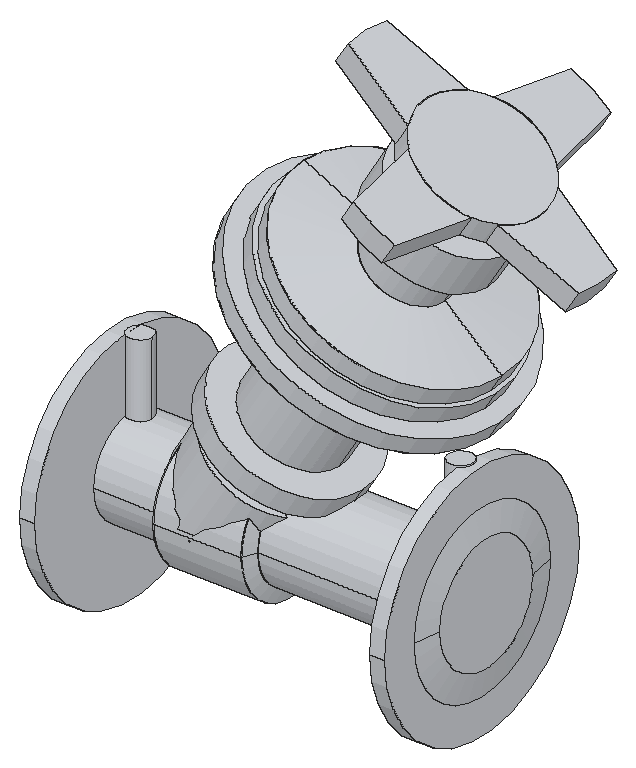
Revit family "224_DN080_40-160_RFA_2018", category Pipe Accessories, Revit 2018
Family settings
  Round Connector Dimension = Use Diameter
  Part Type = Valve - Breaks Into
  Work Plane-Based = No
  Always vertical = Yes
  Cut with Voids When Loaded = No
  Shared = No
Parameters (values of type "224_DN080_(40-160)")
  magiProductId = "20b45c03d3cb49e9a44f946d5e2c2d"
  magiProductFamilyId = "cb96b53648234cefb8c956722b95ac"
  magiPartTypeId = 304
  isMeasuringValve [instance] = no
  ang2D [instance] = 0.00°
  Z8 = 23.328 mm
  Z7 = 7.776 mm
  Z6 = 97.2 mm
  Z4 = 38.88 mm
  Z3 = 15.552 mm
  Z2 = 19.44 mm
  Z1 = 58.32 mm
  Y9 = 112.022 mm
  Y8 = 43.927 mm
  X9 = 19.752 mm
  X8 = 30.758 mm
  X5 = 140.96 mm
  X4 = 72.8 mm
  X1 = 12.4 mm
  W2D = 100 mm
  VersionID = "2.0/2018.4.11.4/ZETKAMA_224_001"
  Use Minimum Symbol Size [instance] = yes
  URL = "www.hydronic.cz"
  Type Comments = "přírubový ventil, PN16; -10~+120°C; dpmin=1,5xdpnast;"
  R8 = 53.625 mm
  R7 = 35.75 mm
  R6 = 96.688 mm
  R5 = 100 mm
  R4 = 113.75 mm
  R3 = 41.6 mm
  R2 = 70.5 mm
  R12 = 42.75 mm
  R10 = 48 mm
  QmdConnectorList = "301;D;302;D"
  Productdata [instance] = ""
  Manufacturer = "Hydronic Systems Prague s.r.o."
  Maintenance Zone Under Depth [instance] = 390 mm
  Maintenance Zone Right Depth [instance] = 310 mm
  Maintenance Zone Over Depth [instance] = 390 mm
  Maintenance Zone Left Depth [instance] = 310 mm
  Maintenance Zone Front Depth [instance] = 273 mm
  Maintenance Zone Back Depth [instance] = 273 mm
  Maintenance Zone Front Visibility [instance] = no
  MC Product Code = "224 080 7 (DN80; dpnast 40-160kPa; dpmax=300kPa; kvs=74,5kPa)"
  MC Piping Given Pressure Drop [instance] = 0.0 Pa
  LT2 = 155 mm
  L3 = 55.44 mm
  L2D_Min = 3048 mm
  L2D = 350 mm
  H5 = 60 mm
  FDT2 = 100 mm
  Description = "Regulátor diferenčního tlaku přírubový"
  DT21 = 40 mm
  DT2 = 40 mm
  D6 = 65 mm
  D5 = 52 mm
  D = 80 mm
  Clearance Zone Height Depth [instance] = 390 mm
  Clearance Zone Circular Radius [instance] = 310 mm
  Clearance Zone Visibility [instance] = no
  CAT0 = yes
  ARC2 = 1.728 mm
  ARC1 = 9.698 mm
  ANG = 32.00°
  A2 = 28.748 mm
  A1 = 46.007 mm
Types (10, lengths in mm): name | magiProductId | Z8 | Z7 | Z6 | Z4 | Z3 | Z2 | Z1 | X5 | X4 | X1 | R5 | R3 | R2 | R10 | Maintenance Zone Under Depth | Maintenance Zone Right Depth | Maintenance Zone Over Depth | Maintenance Zone Left Depth | MC Product Code | LT2 | L3 | H5 | FDT2 | DT21 | DT2 | D6 | D5 | D | Clearance Zone Height Depth | Clearance Zone Circular Radius | A2 | A1
  224_DN100_(40-160) | "71f9e553003c40d991c5e352e67284" | 24.389 | 8.13 | 101.622 | 40.649 | 16.26 | 20.324 | 60.973 | 152.2 | 91 | 14 | 110 | 52 | 80.5 | 58 | 405 | 350 | 405 | 350 | "224 100 7 (DN100; dpnast 40-160kPa; dpmax=250kPa; kvs=110,0kPa)" | 175 | 62.8 | 60 | 110 | 50 | 50 | 81.25 | 65 | 100 | 405 | 350 | 32.458 | 51.943
  224_DN100_(20-70) | "5e4de33176c64976a9c157b39996ce" | 24.389 | 8.13 | 101.622 | 40.649 | 16.26 | 20.324 | 60.973 | 152.2 | 91 | 14 | 110 | 52 | 80.5 | 58 | 405 | 350 | 405 | 350 | "224 100 3 (DN100; dpnast 20-70kPa; dpmax=250kPa; kvs=110,0kPa)" | 175 | 62.8 | 60 | 110 | 50 | 50 | 81.25 | 65 | 100 | 405 | 350 | 32.458 | 51.943
  224_DN125_(40-160) | "9beb69b667494b6ab1f54942078ae6" | 25.804 | 8.601 | 107.518 | 43.007 | 17.203 | 21.504 | 64.511 | 166.25 | 113.75 | 16 | 125 | 65 | 95.5 | 71 | 425 | 400 | 425 | 400 | "224 125 7 (DN125; dpnast 40-160kPa; dpmax=250kPa; kvs=169,0kPa)" | 200 | 72 | 62.5 | 125 | 62.5 | 62.5 | 101.562 | 81.25 | 125 | 425 | 400 | 37.094 | 59.363
  224_DN125_(20-70) | "2c85edc695ca465cb63b6911085491" | 25.804 | 8.601 | 107.518 | 43.007 | 17.203 | 21.504 | 64.511 | 166.25 | 113.75 | 16 | 125 | 65 | 95.5 | 71 | 425 | 400 | 425 | 400 | "224 125 3 (DN125; dpnast 20-70kPa; dpmax=250kPa; kvs=169,0kPa)" | 200 | 72 | 62.5 | 125 | 62.5 | 62.5 | 101.562 | 81.25 | 125 | 425 | 400 | 37.094 | 59.363
  224_DN150_(40-160) | "96017eba5eec4de2abe05c4d8dc7d1" | 26.866 | 8.955 | 89.552 | 44.776 | 17.91 | 22.388 | 89.552 | 223.38 | 115.5 | 19.2 | 142.5 | 70.2 | 108.5 | 84 | 440 | 480 | 440 | 480 | "224 150 7 (DN150; dpnast 40-160kPa; dpmax=250kPa; kvs=200,0kPa)" | 240 | 86.72 | 67.5 | 142.5 | 67.5 | 75 | 90.75 | 82.5 | 150 | 440 | 480 | 44.513 | 71.236
  224_DN150_(20-70) | "2dcf3707ec5549d494f72875a03dce" | 26.866 | 8.955 | 89.552 | 44.776 | 17.91 | 22.388 | 89.552 | 223.38 | 115.5 | 19.2 | 142.5 | 70.2 | 108.5 | 84 | 440 | 480 | 440 | 480 | "224 150 3 (DN150; dpnast 20-70kPa; dpmax=250kPa; kvs=200,0kPa)" | 240 | 86.72 | 67.5 | 142.5 | 67.5 | 75 | 90.75 | 82.5 | 150 | 440 | 480 | 44.513 | 71.236
  224_DN065_(40-160) | "7a3227ed888c4b0d8669ae9eb0085d" | 22.974 | 7.658 | 95.726 | 38.29 | 15.316 | 19.145 | 57.436 | 139.89 | 59.15 | 11.6 | 92.5 | 33.8 | 63 | 40.5 | 385 | 290 | 385 | 290 | "224 065 7 (DN65; dpnast 40-160kPa; dpmax=300kPa; kvs=48,4kPa)" | 145 | 51.76 | 60 | 92.5 | 32.5 | 32.5 | 52.812 | 42.25 | 65 | 385 | 290 | 26.893 | 43.038
  224_DN065_(20-70) | "bd269db4002540fe9b2a41f205afd7" | 22.974 | 7.658 | 95.726 | 38.29 | 15.316 | 19.145 | 57.436 | 139.89 | 59.15 | 11.6 | 92.5 | 33.8 | 63 | 40.5 | 385 | 290 | 385 | 290 | "224 065 3 (DN65; dpnast 20-70kPa; dpmax=300kPa; kvs=48,4kPa)" | 145 | 51.76 | 60 | 92.5 | 32.5 | 32.5 | 52.812 | 42.25 | 65 | 385 | 290 | 26.893 | 43.038
  224_DN080_(40-160) | "20b45c03d3cb49e9a44f946d5e2c2d" | 23.328 | 7.776 | 97.2 | 38.88 | 15.552 | 19.44 | 58.32 | 140.96 | 72.8 | 12.4 | 100 | 41.6 | 70.5 | 48 | 390 | 310 | 390 | 310 | "224 080 7 (DN80; dpnast 40-160kPa; dpmax=300kPa; kvs=74,5kPa)" | 155 | 55.44 | 60 | 100 | 40 | 40 | 65 | 52 | 80 | 390 | 310 | 28.748 | 46.007
  224_DN080_(20-70) | "2f63645f7c5342ecbadd0051fa47f2" | 23.328 | 7.776 | 97.2 | 38.88 | 15.552 | 19.44 | 58.32 | 140.96 | 72.8 | 12.4 | 100 | 41.6 | 70.5 | 48 | 390 | 310 | 390 | 310 | "224 080 3 (DN80; dpnast 20-70kPa; dpmax=300kPa; kvs=74,5kPa)" | 155 | 55.44 | 60 | 100 | 40 | 40 | 65 | 52 | 80 | 390 | 310 | 28.748 | 46.007
Reference planes
  plane 1 "Center (Front/Back)": y = 0
  plane 2 "XYPLANE": z = 0
  plane 3 "Center (Left/Right)": x = 0
  plane 4 "274": z = -390
  plane 5 "273": z = 390
  plane 6 "272": x = -310
  plane 7 "271": x = 310
  plane 8 "270": y = 273
  plane 9 "269": y = -273
  plane 10 "202": x = 133.6
  plane 11 "201": z = 40
  plane 12 "199": x = -131.6
  plane 13 "196": x = -2.36
  plane 14 "195": x = -6.36
  plane 15 "186": x = -79.16
  plane 16 "185": x = -83.16
  plane 17 "157": through (-527.65, 0, 570.893) normal (0.5299, 0, 0.848)
  plane 18 "123": y = -19.752
  plane 19 "122": y = -30.758
  plane 20 "120": y = 19.752
  plane 21 "119": y = 30.758
  plane 22 "118": through (263.424, 0, 719.778) normal (0.848, 0, -0.5299)
  plane 23 "117": through (395.676, 0, 637.138) normal (0.848, 0, -0.5299)
  plane 24 "116": through (453.424, 0, 601.053) normal (0.848, 0, -0.5299)
  plane 25 "115": through (321.171, 0, 683.694) normal (0.848, 0, -0.5299)
  plane 26 "113": y = -43.927
  plane 27 "112": y = -112.022
  plane 28 "110": through (384.508, 0, 644.117) normal (0.848, 0, -0.5299)
  plane 29 "108": through (341.673, 0, 670.883) normal (0.848, 0, -0.5299)
  plane 30 "107": through (332.339, 0, 676.715) normal (0.848, 0, -0.5299)
  plane 31 "106": through (375.175, 0, 649.949) normal (0.848, 0, -0.5299)
  plane 32 "105": y = 112.022
  plane 33 "104": y = 43.927
  plane 34 "99": through (-455.539, 0, 686.295) normal (0.5299, 0, 0.848)
  plane 35 "96": through (-465.841, 0, 669.809) normal (0.5299, 0, 0.848)
  plane 36 "91": through (-486.444, 0, 636.837) normal (0.5299, 0, 0.848)
  plane 37 "87": through (-507.047, 0, 603.865) normal (0.5299, 0, 0.848)
  plane 38 "84": through (-511.168, 0, 597.27) normal (0.5299, 0, 0.848)
  plane 39 "82": through (-519.409, 0, 584.082) normal (0.5299, 0, 0.848)
  plane 40 "75": through (-535.892, 0, 557.704) normal (0.5299, 0, 0.848)
  plane 41 "74": through (-548.254, 0, 537.92) normal (0.5299, 0, 0.848)
  plane 42 "41": through (-599.762, 0, 455.49) normal (0.5299, 0, 0.848)
  plane 43 "37": through (-610.064, 0, 439.004) normal (0.5299, 0, 0.848)
  plane 44 "34": through (-620.365, 0, 422.518) normal (0.5299, 0, 0.848)
  plane 45 "30": through (-651.27, 0, 373.06) normal (0.5299, 0, 0.848)
  plane 46 "28": y = 0
  plane 47 "27": through (358.424, 0, 660.416) normal (0.848, 0, -0.5299)
  plane 48 "24": x = 151
  plane 49 "23": x = 138.6
  plane 50 "15": x = -138.6
  plane 51 "11": x = -151
  plane 52 "6": x = 155
  plane 53 "5": x = -155
  plane 54 "3": z = 0
  plane 55 "2": y = 0
  plane 56 "1": x = 0
  plane 57 "25XY": through (-636.036, 0, 397.439) normal (0.5299, 0, 0.848)
  plane 58 "25XZ": y = 0
  plane 59 "25YZ": through (397.439, 0, 636.036) normal (0.848, 0, -0.5299)
Forms (mm)
  Blend 1, solid, visible <- "CAT0"
    base sketch origin (-548.254, 0, 537.92) x (0.848048, 0, -0.529919) y (0, 1, 0)
      loop
        circle (703.993, 0) r 42.75
    top sketch origin (-548.254, 0, 537.92) x (0.848048, 0, -0.529919) y (0, 1, 0)
      loop
        circle (703.993, 0) r 113.75
    from 0 to 23.328
  Blend 2, solid, visible <- "Maintenance Zone Front Visibility"
    base sketch origin (-750, 0, 390) x (1, 0, 0) y (0, 1, 0)
      loop
        line (440, 273) -> (440, -273) -> (1060, -273) -> (1060, 273) -> (440, 273)
    top sketch origin (-750, 0, 390) x (1, 0, 0) y (0, 1, 0)
      loop
        line (440, 273) -> (440, -273) -> (1060, -273) -> (1060, 273) -> (440, 273)
    from 0 to -780
  Extrusion 3, solid, visible <- "Clearance Zone Visibility"
    sketch origin (-750, 0, 0) x (1, 0, 0) y (0, 1, 0)
      loop
        circle (750, 0) r 310
    from 0 to 390 <- "Clearance Zone Height Depth"
  Extrusion 4, solid, visible <- "CAT0"
    sketch origin (-599.762, 0, 455.49) x (0.848048, 0, -0.529919) y (0, 1, 0)
      loop
        circle (703.993, 0) r 42.75
    from 0 to 97.2 <- "Z6"
  Extrusion 5, solid
    sketch origin (-750, 0, 40) x (1, 0, 0) y (0, 1, 0)
      loop
        circle (883.6, 0) r 10
    from 0 to 60 <- "H5"
  Extrusion 6, solid
    sketch origin (-750, 0, 40) x (1, 0, 0) y (0, 1, 0)
      loop
        circle (618.4, 0) r 10
    from 0 to 60 <- "H5"
  Extrusion 7, solid
    sketch origin (-2.36, -750, 0) x (0, 1, 0) y (0, 0, 1)
      loop
        circle (750, 0) r 40
    from 0 to 140.96 <- "X5"
  Blend 8, solid
    base sketch origin (-2.36, -750, 0) x (0, 1, 0) y (0, 0, 1)
      loop
        circle (750, 0) r 40
    top sketch origin (-2.36, -750, 0) x (0, 1, 0) y (0, 0, 1)
      loop
        circle (750, 0) r 52
    from 0 to -4
  Extrusion 9, solid
    sketch origin (-79.16, -750, 0) x (0, 1, 0) y (0, 0, 1)
      loop
        circle (750, 0) r 52
    from 0 to 72.8 <- "X4"
  Blend 10, solid
    base sketch origin (-83.16, -750, 0) x (0, 1, 0) y (0, 0, 1)
      loop
        circle (750, 0) r 40
    top sketch origin (-83.16, -750, 0) x (0, 1, 0) y (0, 0, 1)
      loop
        circle (750, 0) r 52
    from 0 to 4
  Extrusion 11, solid
    sketch origin (-651.27, 0, 373.06) x (0.848048, 0, -0.529919) y (0, 1, 0)
      loop
        circle (703.993, 0) r 52
    from 0 to 58.32 <- "Z1"
  Extrusion 12, solid
    sketch origin (-535.892, 0, 557.704) x (0.848048, 0, -0.529919) y (0, 1, 0)
      loop
        circle (703.993, 0) r 113.75
    from 0 to 15.552 <- "Z3"
  Extrusion 13, solid
    sketch origin (-455.539, 0, 686.295) x (0.848048, 0, -0.529919) y (0, 1, 0)
      loop
        line (747.92, -30.758) -> (816.015, -19.752)
        arc (816.015, -19.752) -> (817.743, 0) -> (816.015, 19.752) r 113.75
        line (816.015, 19.752) -> (747.92, 30.758)
        arc (747.92, 30.758) -> (757.618, 0) -> (747.92, -30.758) r 53.625
    from 0 to 19.44 <- "Z2"
  Extrusion 14, solid
    sketch origin (-455.539, 0, 686.295) x (0.848048, 0, -0.529919) y (0, 1, 0)
      loop
        line (660.066, 30.758) -> (591.972, 19.752)
        arc (591.972, 19.752) -> (590.243, 0) -> (591.972, -19.752) r 113.75
        line (591.972, -19.752) -> (660.066, -30.758)
        arc (660.066, -30.758) -> (650.368, 0) -> (660.066, 30.758) r 53.625
    from 0 to 19.44 <- "Z2"
  Extrusion 15, solid
    sketch origin (-455.539, 0, 686.295) x (0.848048, 0, -0.529919) y (0, 1, 0)
      loop
        line (673.235, -43.927) -> (684.241, -112.022)
        arc (684.241, -112.022) -> (703.993, -113.75) -> (723.746, -112.022) r 113.75
        line (723.746, -112.022) -> (734.751, -43.927)
        arc (734.751, -43.927) -> (703.993, -53.625) -> (673.235, -43.927) r 53.625
    from 0 to 19.44 <- "Z2"
  Extrusion 16, solid
    sketch origin (-455.539, 0, 686.295) x (0.848048, 0, -0.529919) y (0, 1, 0)
      loop
        line (734.751, 43.927) -> (723.746, 112.022)
        arc (723.746, 112.022) -> (703.993, 113.75) -> (684.241, 112.022) r 113.75
        line (684.241, 112.022) -> (673.235, 43.927)
        arc (673.235, 43.927) -> (703.993, 53.625) -> (734.751, 43.927) r 53.625
    from 0 to 19.44 <- "Z2"
  Extrusion 17, solid
    sketch origin (-455.539, 0, 686.295) x (0.848048, 0, -0.529919) y (0, 1, 0)
      loop
        circle (703.993, 0) r 53.625
    from 0 to 19.44 <- "Z2"
  Extrusion 18, solid
    sketch origin (-465.841, 0, 669.809) x (0.848048, 0, -0.529919) y (0, 1, 0)
      loop
        circle (703.993, 0) r 35.75
    from 0 to 19.44 <- "Z2"
  Extrusion 19, solid
    sketch origin (-486.444, 0, 636.837) x (0.848048, 0, -0.529919) y (0, 1, 0)
      loop
        circle (703.993, 0) r 53.625
    from 0 to 38.88 <- "Z4"
  Extrusion 20, solid
    sketch origin (-507.047, 0, 603.865) x (0.848048, 0, -0.529919) y (0, 1, 0)
      loop
        circle (703.993, 0) r 35.75
    from 0 to 38.88 <- "Z4"
  Blend 21, solid
    base sketch origin (-511.168, 0, 597.27) x (0.848048, 0, -0.529919) y (0, 1, 0)
      loop
        circle (703.993, 0) r 96.688
    top sketch origin (-511.168, 0, 597.27) x (0.848048, 0, -0.529919) y (0, 1, 0)
      loop
        circle (703.993, 0) r 35.75
    from 0 to 7.776
  Extrusion 22, solid
    sketch origin (-519.409, 0, 584.082) x (0.848048, 0, -0.529919) y (0, 1, 0)
      loop
        circle (703.993, 0) r 96.688
    from 0 to 15.552 <- "Z3"
  Extrusion 23, solid
    sketch origin (-527.65, 0, 570.893) x (0.848048, 0, -0.529919) y (0, 1, 0)
      loop
        circle (703.993, 0) r 100
    from 0 to 15.552 <- "Z3"
  Extrusion 24, solid
    sketch origin (-610.064, 0, 439.004) x (0.848048, 0, -0.529919) y (0, 1, 0)
      loop
        circle (703.993, 0) r 65
    from 0 to 19.44 <- "Z2"
  Extrusion 25, solid
    sketch origin (-620.365, 0, 422.518) x (0.848048, 0, -0.529919) y (0, 1, 0)
      loop
        circle (703.993, 0) r 41.6
    from 0 to 19.44 <- "Z2"
  Blend 26, solid
    base sketch origin (151, -750, 0) x (0, 1, 0) y (0, 0, 1)
      loop
        circle (750, 0) r 70.5
    top sketch origin (151, -750, 0) x (0, 1, 0) y (0, 0, 1)
      loop
        circle (750, 0) r 48
    from 0 to 4
  Extrusion 27, solid
    sketch origin (138.6, -750, 0) x (0, 1, 0) y (0, 0, 1)
      loop
        circle (750, 0) r 100
    from 0 to 12.4 <- "X1"
  Extrusion 28, solid
    sketch origin (-138.6, -750, 0) x (0, 1, 0) y (0, 0, 1)
      loop
        circle (750, 0) r 40
    from 0 to 55.44 <- "L3"
  Extrusion 29, solid
    sketch origin (-151, -750, 0) x (0, 1, 0) y (0, 0, 1)
      loop
        circle (750, 0) r 100
    from 0 to 12.4 <- "X1"
  Blend 30, solid
    base sketch origin (-155, -750, 0) x (0, 1, 0) y (0, 0, 1)
      loop
        circle (750, 0) r 48
    top sketch origin (-155, -750, 0) x (0, 1, 0) y (0, 0, 1)
      loop
        circle (750, 0) r 70.5
    from 0 to 4
  Extrusion 31, solid, not visible
    sketch origin (155, -750, 0) x (0, 1, 0) y (0, 0, 1)
      loop
        circle (750, 0) r 10
    from 0 to -10
  Extrusion 32, solid, not visible
    sketch origin (-155, -750, 0) x (0, 1, 0) y (0, 0, 1)
      loop
        circle (750, 0) r 10
    from 0 to 10
Lines and regions (mm)
  reference lines, not visible
    curve 1: circle (-5.16, 2, 0) r 1 normal (0, 0, 1)
  reference lines
    curve 2: line (178.734, -30.758, 289.958) -> (178.734, 30.758, 289.958)
    curve 3: line (236.481, 19.752, 253.873) -> (236.481, -19.752, 253.873)
    curve 4: line (104.229, 30.758, 336.513) -> (104.229, -30.758, 336.513)
    curve 5: line (46.481, -19.752, 372.598) -> (46.481, 19.752, 372.598)
    curve 6: line (115.397, -43.927, 329.535) -> (167.566, -43.927, 296.936)
    curve 7: line (158.232, -112.022, 302.768) -> (124.73, -112.022, 323.703)
    curve 8: line (167.566, 43.927, 296.936) -> (115.397, 43.927, 329.535)
    curve 9: line (124.73, 112.022, 323.703) -> (158.232, 112.022, 302.768)
Dimensions and locks
  plane 1 "Center (Front/Back)" to curve 1 = 2 mm
  "Maintenance Zone Under Depth": plane 2 "XYPLANE" to plane 4 "274"
  "Maintenance Zone Over Depth": plane 2 "XYPLANE" to plane 5 "273"
  "Maintenance Zone Left Depth": plane 3 "Center (Left/Right)" to plane 6 "272"
  "Maintenance Zone Right Depth": plane 3 "Center (Left/Right)" to plane 7 "271"
  "Maintenance Zone Back Depth": plane 1 "Center (Front/Back)" to plane 8 "270"
  "Maintenance Zone Front Depth": plane 1 "Center (Front/Back)" to plane 9 "269"
  locked: plane 49 "23" to plane 10 "202" at 5
  "DT2": plane 2 "XYPLANE" to plane 11 "201"
  locked: plane 50 "15" to plane 12 "199" at 7
  locked: plane 14 "195" to plane 13 "196" at 4
  "X4": plane 15 "186" to plane 14 "195"
  locked: plane 16 "185" to plane 15 "186" at 4
  "L3": plane 50 "15" to plane 16 "185"
  "Z3": plane 40 "75" to plane 17 "157"
  "X9": plane 55 "2" to plane 18 "123"
  "X8": plane 55 "2" to plane 19 "122"
  "X9": plane 55 "2" to plane 20 "120"
  "X8": plane 55 "2" to plane 21 "119"
  "Y9": plane 47 "27" to plane 22 "118"
  "Y8": plane 47 "27" to plane 23 "117"
  "Y9": plane 47 "27" to plane 24 "116"
  "Y8": plane 47 "27" to plane 25 "115"
  "Y8": plane 55 "2" to plane 26 "113"
  "Y9": plane 55 "2" to plane 27 "112"
  "X8": plane 47 "27" to plane 28 "110"
  "X9": plane 47 "27" to plane 29 "108"
  "X8": plane 47 "27" to plane 30 "107"
  "X9": plane 47 "27" to plane 31 "106"
  "Y9": plane 55 "2" to plane 32 "105"
  "Y8": plane 55 "2" to plane 33 "104"
  "Z2": plane 35 "96" to plane 34 "99"
  "Z4": plane 36 "91" to plane 35 "96"
  "Z4": plane 37 "87" to plane 36 "91"
  "Z7": plane 38 "84" to plane 37 "87"
  "Z3": plane 39 "82" to plane 38 "84"
  "Z3": plane 17 "157" to plane 39 "82"
  "Z8": plane 41 "74" to plane 40 "75"
  "Z6": plane 42 "41" to plane 41 "74"
  "Z2": plane 43 "37" to plane 42 "41"
  "Z2": plane 44 "34" to plane 43 "37"
  "Z1": plane 45 "30" to plane 44 "34"
  "A2": plane 57 "25XY" to plane 45 "30"
  locked: plane 55 "2" to plane 46 "28"
  "A1": plane 59 "25YZ" to plane 47 "27"
  "X1": plane 49 "23" to plane 48 "24"
  "X5": plane 13 "196" to plane 49 "23"
  "X1": plane 51 "11" to plane 50 "15"
  locked: plane 53 "5" to plane 51 "11" at 4
  "LT2": plane 3 "Center (Left/Right)" to plane 52 "6"
  "LT2": plane 3 "Center (Left/Right)" to plane 53 "5"
  locked: plane 2 "XYPLANE" to plane 54 "3"
  locked: plane 1 "Center (Front/Back)" to plane 55 "2"
  locked: plane 3 "Center (Left/Right)" to plane 56 "1"
  Blend 2 sketch curve to Blend 2 sketch curve = 0 mm  (x16)
  "ARC1": curve 2 to Extrusion 13 sketch curve
  "ARC2": curve 3 to Extrusion 13 sketch curve
  Extrusion 13 sketch curve to Extrusion 13 sketch curve = 0 mm  (x8)
  "ARC1": curve 4 to Extrusion 14 sketch curve
  "ARC2": curve 5 to Extrusion 14 sketch curve
  Extrusion 14 sketch curve to Extrusion 14 sketch curve = 0 mm  (x8)
  "ARC1": curve 6 to Extrusion 15 sketch curve
  "ARC2": curve 7 to Extrusion 15 sketch curve
  Extrusion 15 sketch curve to Extrusion 15 sketch curve = 0 mm  (x8)
  "ARC1": curve 8 to Extrusion 16 sketch curve
  "ARC2": curve 9 to Extrusion 16 sketch curve
  Extrusion 16 sketch curve to Extrusion 16 sketch curve = 0 mm  (x8)
  "R4": radius of Blend 1 sketch curve
  "R12": radius of Blend 1 sketch curve
  "Clearance Zone Circular Radius": radius of Extrusion 3 sketch curve
  "R12": radius of Extrusion 4 sketch curve
  "DT21": radius of Extrusion 7 sketch curve
  "D5": radius of Blend 8 sketch curve
  "DT21": radius of Blend 8 sketch curve
  "D5": radius of Extrusion 9 sketch curve
  "D5": radius of Blend 10 sketch curve
  "DT21": radius of Blend 10 sketch curve
  "D5": radius of Extrusion 11 sketch curve
  "R4": radius of Extrusion 12 sketch curve
  "R8": radius of Extrusion 17 sketch curve
  "R7": radius of Extrusion 18 sketch curve
  "R8": radius of Extrusion 19 sketch curve
  "R7": radius of Extrusion 20 sketch curve
  "R7": radius of Blend 21 sketch curve
  "R6": radius of Blend 21 sketch curve
  "R6": radius of Extrusion 22 sketch curve
  "R5": radius of Extrusion 23 sketch curve
  "D6": radius of Extrusion 24 sketch curve
  "R3": radius of Extrusion 25 sketch curve
  "R10": radius of Blend 26 sketch curve
  "R2": radius of Blend 26 sketch curve
  "FDT2": radius of Extrusion 27 sketch curve
  "DT21": radius of Extrusion 28 sketch curve
  "FDT2": radius of Extrusion 29 sketch curve
  "R2": radius of Blend 30 sketch curve
  "R10": radius of Blend 30 sketch curve
  aligned and locked: level to plane 2 "XYPLANE"
  aligned and locked: plane 46 "28" to Blend 1 sketch curve  (x2)
  aligned and locked: Blend 1 sketch curve to plane 47 "27"  (x2)
  aligned and locked: plane 40 "75" to Blend 1
  aligned and locked: Blend 2 sketch curve to plane 6 "272"  (x2)
  aligned and locked: plane 8 "270" to Blend 2 sketch curve  (x4)
  aligned and locked: plane 9 "269" to Blend 2 sketch curve  (x4)
  aligned and locked: plane 6 "272" to Blend 2 sketch curve  (x2)
  aligned and locked: plane 7 "271" to Blend 2 sketch curve  (x4)
  aligned and locked: Blend 2 to plane 4 "274"
  aligned and locked: plane 55 "2" to Extrusion 3 sketch curve
  aligned and locked: plane 56 "1" to Extrusion 3 sketch curve
  aligned and locked: plane 46 "28" to Extrusion 4 sketch curve
  aligned and locked: Extrusion 4 sketch curve to plane 47 "27"
  aligned and locked: plane 10 "202" to Extrusion 5 sketch curve
  aligned and locked: plane 55 "2" to Extrusion 5 sketch curve
  aligned and locked: plane 12 "199" to Extrusion 6 sketch curve
  aligned and locked: plane 55 "2" to Extrusion 6 sketch curve
  aligned and locked: plane 54 "3" to Extrusion 7 sketch curve
  aligned and locked: Extrusion 7 sketch curve to plane 55 "2"
  aligned and locked: plane 54 "3" to Blend 8 sketch curve  (x2)
  aligned and locked: Blend 8 sketch curve to plane 55 "2"  (x2)
  aligned and locked: Blend 8 to plane 14 "195"
  aligned and locked: plane 54 "3" to Extrusion 9 sketch curve
  aligned and locked: Extrusion 9 sketch curve to plane 55 "2"
  aligned and locked: plane 54 "3" to Blend 10 sketch curve  (x2)
  aligned and locked: Blend 10 sketch curve to plane 55 "2"  (x2)
  aligned and locked: plane 15 "186" to Blend 10
  aligned and locked: plane 46 "28" to Extrusion 11 sketch curve
  aligned and locked: Extrusion 11 sketch curve to plane 47 "27"
  aligned and locked: plane 46 "28" to Extrusion 12 sketch curve
  aligned and locked: Extrusion 12 sketch curve to plane 47 "27"
  aligned and locked: curve 2 to plane 23 "117"
  aligned and locked: plane 19 "122" to curve 2
  aligned and locked: plane 21 "119" to curve 2
  aligned and locked: plane 21 "119" to Extrusion 13 sketch curve
  aligned and locked: plane 23 "117" to Extrusion 13 sketch curve
  aligned and locked: plane 20 "120" to Extrusion 13 sketch curve
  aligned and locked: plane 24 "116" to Extrusion 13 sketch curve
  aligned and locked: curve 3 to plane 24 "116"
  aligned and locked: plane 20 "120" to curve 3
  aligned and locked: plane 18 "123" to curve 3
  aligned and locked: plane 18 "123" to Extrusion 13 sketch curve
  aligned and locked: Extrusion 13 sketch curve to plane 24 "116"
  aligned and locked: plane 19 "122" to Extrusion 13 sketch curve
  aligned and locked: Extrusion 13 sketch curve to plane 23 "117"
  aligned and locked: curve 4 to plane 25 "115"
  aligned and locked: plane 21 "119" to curve 4
  aligned and locked: plane 19 "122" to curve 4
  aligned and locked: plane 19 "122" to Extrusion 14 sketch curve
  aligned and locked: Extrusion 14 sketch curve to plane 25 "115"
  aligned and locked: plane 18 "123" to Extrusion 14 sketch curve
  aligned and locked: Extrusion 14 sketch curve to plane 22 "118"
  aligned and locked: curve 5 to plane 22 "118"
  aligned and locked: plane 18 "123" to curve 5
  aligned and locked: plane 20 "120" to curve 5
  aligned and locked: plane 20 "120" to Extrusion 14 sketch curve
  aligned and locked: plane 22 "118" to Extrusion 14 sketch curve
  aligned and locked: plane 21 "119" to Extrusion 14 sketch curve
  aligned and locked: plane 25 "115" to Extrusion 14 sketch curve
  aligned and locked: curve 6 to plane 26 "113"
  aligned and locked: curve 6 to plane 30 "107"
  aligned and locked: curve 6 to plane 28 "110"
  aligned and locked: plane 26 "113" to Extrusion 15 sketch curve  (x2)
  aligned and locked: Extrusion 15 sketch curve to plane 28 "110"
  aligned and locked: plane 27 "112" to Extrusion 15 sketch curve  (x2)
  aligned and locked: Extrusion 15 sketch curve to plane 31 "106"
  aligned and locked: plane 27 "112" to curve 7
  aligned and locked: curve 7 to plane 31 "106"
  aligned and locked: curve 7 to plane 29 "108"
  aligned and locked: Extrusion 15 sketch curve to plane 29 "108"
  aligned and locked: Extrusion 15 sketch curve to plane 30 "107"
  aligned and locked: plane 33 "104" to curve 8
  aligned and locked: plane 28 "110" to curve 8
  aligned and locked: plane 30 "107" to curve 8
  aligned and locked: plane 30 "107" to Extrusion 16 sketch curve
  aligned and locked: plane 33 "104" to Extrusion 16 sketch curve  (x2)
  aligned and locked: plane 29 "108" to Extrusion 16 sketch curve
  aligned and locked: plane 32 "105" to Extrusion 16 sketch curve  (x2)
  aligned and locked: curve 9 to plane 32 "105"
  aligned and locked: plane 29 "108" to curve 9
  aligned and locked: plane 31 "106" to curve 9
  aligned and locked: plane 31 "106" to Extrusion 16 sketch curve
  aligned and locked: plane 28 "110" to Extrusion 16 sketch curve
  aligned and locked: plane 46 "28" to Extrusion 17 sketch curve
  aligned and locked: Extrusion 17 sketch curve to plane 47 "27"
  aligned and locked: plane 46 "28" to Extrusion 18 sketch curve
  aligned and locked: Extrusion 18 sketch curve to plane 47 "27"
  aligned and locked: plane 46 "28" to Extrusion 19 sketch curve
  aligned and locked: Extrusion 19 sketch curve to plane 47 "27"
  aligned and locked: plane 46 "28" to Extrusion 20 sketch curve
  aligned and locked: Extrusion 20 sketch curve to plane 47 "27"
  aligned and locked: plane 46 "28" to Blend 21 sketch curve  (x2)
  aligned and locked: Blend 21 sketch curve to plane 47 "27"  (x2)
  aligned and locked: plane 37 "87" to Blend 21
  aligned and locked: plane 46 "28" to Extrusion 22 sketch curve
  aligned and locked: Extrusion 22 sketch curve to plane 47 "27"
  aligned and locked: plane 46 "28" to Extrusion 23 sketch curve
  aligned and locked: Extrusion 23 sketch curve to plane 47 "27"
  aligned and locked: plane 46 "28" to Extrusion 24 sketch curve
  aligned and locked: Extrusion 24 sketch curve to plane 47 "27"
  aligned and locked: plane 46 "28" to Extrusion 25 sketch curve
  aligned and locked: Extrusion 25 sketch curve to plane 47 "27"
  aligned and locked: plane 54 "3" to Blend 26 sketch curve  (x2)
  aligned and locked: Blend 26 sketch curve to plane 55 "2"  (x2)
  aligned and locked: plane 52 "6" to Blend 26
  aligned and locked: plane 54 "3" to Extrusion 27 sketch curve
  aligned and locked: Extrusion 27 sketch curve to plane 55 "2"
  aligned and locked: plane 54 "3" to Extrusion 28 sketch curve
  aligned and locked: Extrusion 28 sketch curve to plane 55 "2"
  aligned and locked: plane 54 "3" to Extrusion 29 sketch curve
  aligned and locked: Extrusion 29 sketch curve to plane 55 "2"
  aligned and locked: plane 54 "3" to Blend 30 sketch curve  (x2)
  aligned and locked: Blend 30 sketch curve to plane 55 "2"  (x2)
  aligned and locked: plane 51 "11" to Blend 30
  aligned and locked: plane 54 "3" to Extrusion 31 sketch curve
  aligned and locked: Extrusion 31 sketch curve to plane 55 "2"
  aligned and locked: plane 54 "3" to Extrusion 32 sketch curve
  aligned and locked: Extrusion 32 sketch curve to plane 55 "2"
Automatic sketch dimensions
  Extrusion 5 sketch curve to Extrusion 5 sketch curve = 10 mm
  Extrusion 6 sketch curve to plane 50 "15" = 3 mm
  plane 18 "123" to Extrusion 31 sketch curve = 9.752 mm
  plane 18 "123" to Extrusion 32 sketch curve = 9.752 mm
  plane 14 "195" to curve 1 = 1.2 mm
  radius of curve 1 = 1 mm
Connectors
  piping at (-155, 0, 0), diameter 80, driven by "D"
    settings: on Extrusion 32, index 1, connector inside diameter 609.6 mm, connector length 0 mm, flow factor 0, pipe flow 0.0 L/s, pressure drop 0.0 Pa, fitting loss kfactor 0, connector angle 0.00°, fixture units 0, engagement length 0 mm, angle of deflection 0.00°, flow configuration 0, flow direction 0, fitting loss method 0, system type 29, joint type 0, gender type 0, connector reference index 2, connector utility 0, adjustable connector no, is connector primary yes, connector description ""
  piping at (155, 0, 0), diameter 80, driven by "D"
    settings: on Extrusion 31, index 2, connector inside diameter 609.6 mm, connector length 0 mm, flow factor 0, pipe flow 0.0 L/s, pressure drop 0.0 Pa, fitting loss kfactor 0, connector angle 0.00°, fixture units 0, engagement length 0 mm, angle of deflection 0.00°, flow configuration 0, flow direction 0, fitting loss method 0, system type 29, joint type 0, gender type 0, connector reference index 1, connector utility 0, adjustable connector no, is connector primary no, connector description ""
